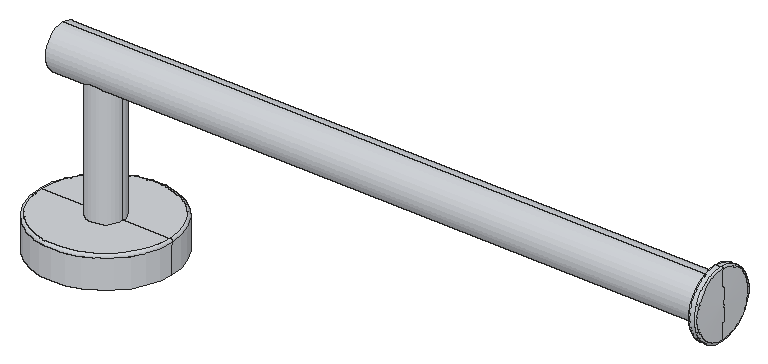
Revit family "Accessory-Towel_Arm-KOHLER-ELATE-K-27291BR_1", category Specialty Equipment, host Face, Revit 2017
Family settings
  Host = Face
  Round Connector Dimension = Use Diameter
  Part Type = Normal
  OmniClass Number = 23.31.25.25
  OmniClass Title = Towel Bars
  Cut with Voids When Loaded = No
  Shared = No
  Room Calculation Point = No
Parameters (values of type "CP-Polished Chrome")
  Width = 10 29/256"  # constant formula
  WaterSense Certified = 1 = 0  # no
  URL = "https://br.kohler.com/"
  Type = 1
  Product Page URL = "https://br.kohler.com/product-detail/27291br?skuid=K-27291BR-CP"
  Product Name = "ELATE"  # constant formula
  Product Documentation Link = ""
  Model = if(Type = 1, "K-27291BR-CP", if(Type = 2, "K-27291BR-BN", if(Type = 3, "K-27291BR-BL", "NA")))  # "K-27291BR-CP"
  Material = "Premium Metal Construction"  # constant formula
  Master Format 2014 Name = "Toilet, Bath, and Laundry Accessories"  # constant formula
  Master Format 2014 = "10 28 00"  # constant formula
  Manufacturer Address = "Rio de Janeiro MULTIREPAROS RUA BATISTA DA COSTA, Nº 352 | STORE B Rio de Janeiro  SÃO GONÇALO 24450-470"  # constant formula
  Manufacturer = "KOHLER Co."  # constant formula
  Length = 2 61/64"  # constant formula
  Height = 1 31/32"  # constant formula
  Finish = Kohler-Metal-CP-Polished_Chrome
  Environmental Product Declaration = ""
  Description = "Towel Rack"  # constant formula
  Default Elevation = 42"
  Declare Label = ""
  Date Modified = "09/07/2021"  # constant formula
  Date Created = "09/07/2021"  # constant formula
  Copyright = "Copyright KOHLER Co."  # constant formula
  Contact Us = "https://br.kohler.com/asr-listing"
  Assembly Code = "C1030200"
  ADA Compliant = 1 = 0  # no
Types (4): name | Type | Product Page URL | Model | Finish
  (no name) | 1 | "https://br.kohler.com/product-detail/27291br?skuid=K-27291BR-CP" | "K-27291BR-CP" | Kohler-Metal-CP-Polished_Chrome
  CP-Polished Chrome | 1 | "https://br.kohler.com/product-detail/27291br?skuid=K-27291BR-CP" | "K-27291BR-CP" | Kohler-Metal-CP-Polished_Chrome
  BN-Vibrant Brushed Nickel | 2 | "https://br.kohler.com/product-detail/27291br?skuid=K-27291BR-BN" | "K-27291BR-BN" | Kohler-Metal-BN-Vibrant_Brushed_Nickel
  BL-Matte Black | 3 | "https://br.kohler.com/product-detail/27291br?skuid=K-27291BR-BL" | "K-27291BR-BL" | Kohler-Metal-BL-Matte_Black
Reference planes (in)
  plane 1 "Center (Front/Back)": y = 0
  plane 2: z = 0
  plane 3 "Center (Left/Right)": x = 0
  plane 4: x = -0.98425
  plane 5: y = 0.98425
  plane 6: y = 0.49213
  plane 7: y = 0.31496
  plane 8: y = -0.9845
  plane 9: y = -0.49213
  plane 10: y = -0.31496
  plane 11: x = 0.98425
  plane 12: x = -0.67412
  plane 13: x = 9.12903
  plane 14: z = 2.95312
  plane 15: z = 2.46063
  plane 16: z = 2.77559
  plane 17: z = 1.96887
  plane 18: z = 2.14567
  plane 19: z = 0.46457
Dimensions and locks (in)
  "Width": plane 4 to plane 13
  locked: plane 4 to plane 11 at 1.9685
  "Height": plane 5 to plane 8
  locked: plane 12 to plane 13 at 9.80315
  "Length": plane 2 to plane 14
  locked: plane 17 to plane 14 at 0.98425
  locked: plane 18 to plane 16 at 0.62992
  aligned and locked: plane 2 to host face
  aligned and locked: level to host face
  aligned and locked: plane 3 "Center (Left/Right)" to nested 1
  aligned and locked: plane 1 "Center (Front/Back)" to nested 1
Automatic sketch dimensions
  host sketch curve to host sketch curve = 96"  (x2)
Nested families (in)
  nested 1: "K-27291BR" at (0, 0, 0), type "K-27291BR"
Definition of nested family "K-27291BR"
  Parameters (values of type "K-27291BR")
    Material = none
  Reference planes (in)
    plane 1 "Center (Front/Back)": y = 0
    plane 2: z = 0
    plane 3 "Center (Left/Right)": x = 0
    plane 4: x = -0.98425
    plane 5: y = 0.98425
    plane 6: x = 9.12776
    plane 7: x = -0.67539
    plane 8: x = 0.98425
    plane 9: y = -0.98425
    plane 10: z = 0.46457
    plane 11: z = 2.95276
    plane 12: z = 1.9685
    plane 13: z = 2.46063
    plane 14: z = 2.77559
    plane 15: z = 2.14567
    plane 16: y = 0.49213
    plane 17: y = 0.31496
    plane 18: y = -0.31496
    plane 19: y = -0.49213
  Forms (in)
    Revolve 1, solid, material <- "Material", detail levels medium+fine
      sketch origin (0, 0, 0) x (1, 0, 0) y (0, 0, 1)
        loop
          line (-0.25591, 0.46457) -> (-0.94488, 0.46457)
          arc (-0.94488, 0.46457) -> (-0.97272, 0.45304) -> (-0.98425, 0.4252) r 0.03937
          line (-0.98425, 0.4252) -> (-0.98425, 0) -> (0, 0) -> (0, 2.46063) -> (-0.25591, 2.46063) -> (-0.25591, 0.46457)
        axis (0, 2.46063) -> (0, 0)
      angle from 0 to 360
    Revolve 2, solid, material <- "Material", detail levels medium+fine
      sketch origin (0, 0, 0) x (1, 0, 0) y (0, 0, 1)
        loop
          arc (9.12776, 2.46063) -> (9.12508, 2.69575) -> (9.11706, 2.93074) r 10.33659
          arc (9.11706, 2.93074) -> (9.10995, 2.94637) -> (9.09402, 2.95276) r 0.02306
          line (9.09402, 2.95276) -> (9.02271, 2.95276)
          arc (9.02271, 2.95276) -> (9.00665, 2.9461) -> (9, 2.93004) r 0.02271
          line (9, 2.93004) -> (9, 2.77559) -> (-0.63328, 2.77559)
          arc (-0.63328, 2.77559) -> (-0.66482, 2.61951) -> (-0.67539, 2.46063) r 1.19873
          line (-0.67539, 2.46063) -> (9.12776, 2.46063)
        axis (9.12776, 2.46063) -> (-0.67539, 2.46063)
      angle from 0 to 360
    Revolve 3, solid, material <- "Material", detail levels coarse
      sketch origin (0, 0, 0) x (1, 0, 0) y (0, 0, 1)
        loop
          line (0, 0) -> (0, 2.46063) -> (-0.25591, 2.46063) -> (-0.25591, 0.46457) -> (-0.98425, 0.46457) -> (-0.98425, 0) -> (0, 0)
        axis (0, 2.46063) -> (0, 0)
      angle from 0 to 360
    Revolve 4, solid, material <- "Material", detail levels coarse
      sketch origin (0, 0, 0) x (1, 0, 0) y (0, 0, 1)
        loop
          line (9.12776, 2.46063) -> (9.12776, 2.95276) -> (9, 2.95276) -> (9, 2.77559) -> (-0.67539, 2.77559) -> (-0.67539, 2.46063) -> (9.12776, 2.46063)
        axis (9.12776, 2.46063) -> (-0.67539, 2.46063)
      angle from 0 to 360
  Cuts and joins
    joined: Revolve 1, Revolve 2
    joined: Revolve 3, Revolve 4
  Lines and regions (in)
    Masking region 1
      outline origin (0, 0, 0) x (1, 0, 0) y (0, 1, 0)
        loop
          arc (0.9325, 0.31496) -> (-0.98425, 0) -> (0.9325, -0.31496) r 0.98425
          line (0.9325, -0.31496) -> (9, -0.31496) -> (9, -0.46941)
          arc (9, -0.46941) -> (9.00665, -0.48547) -> (9.02271, -0.49213) r 0.02271
          line (9.02271, -0.49213) -> (9.09402, -0.49213)
          arc (9.09402, -0.49213) -> (9.10995, -0.48574) -> (9.11706, -0.47011) r 0.02306
          arc (9.11706, -0.47011) -> (9.12508, -0.23512) -> (9.12776, 0) r 10.33659
          arc (9.12776, 0) -> (9.12508, 0.23512) -> (9.11706, 0.47011) r 10.33659
          arc (9.11706, 0.47011) -> (9.10995, 0.48574) -> (9.09402, 0.49213) r 0.02306
          line (9.09402, 0.49213) -> (9.02271, 0.49213)
          arc (9.02271, 0.49213) -> (9.00665, 0.48547) -> (9, 0.46941) r 0.02271
          line (9, 0.46941) -> (9, 0.31496) -> (0.9325, 0.31496)
    Masking region 2
      outline origin (0, 0, 0) x (1, 0, 0) y (0, 0, 1)
        loop
          line (9, 2.77559) -> (-0.63328, 2.77559)
          arc (-0.63328, 2.77559) -> (-0.66482, 2.61951) -> (-0.67539, 2.46063) r 1.19873
          arc (-0.67539, 2.46063) -> (-0.66482, 2.30175) -> (-0.63328, 2.14567) r 1.19873
          line (-0.63328, 2.14567) -> (-0.25591, 2.14567) -> (-0.25591, 0.46457) -> (-0.94488, 0.46457)
          arc (-0.94488, 0.46457) -> (-0.97272, 0.45304) -> (-0.98425, 0.4252) r 0.03937
          line (-0.98425, 0.4252) -> (-0.98425, 0) -> (0, 0) -> (0.98425, 0) -> (0.98425, 0.4252)
          arc (0.98425, 0.4252) -> (0.97272, 0.45304) -> (0.94488, 0.46457) r 0.03937
          line (0.94488, 0.46457) -> (0.25591, 0.46457) -> (0.25591, 2.14567) -> (9, 2.14567) -> (9, 1.99122)
          arc (9, 1.99122) -> (9.00665, 1.97516) -> (9.02271, 1.9685) r 0.02271
          line (9.02271, 1.9685) -> (9.09402, 1.9685)
          arc (9.09402, 1.9685) -> (9.10995, 1.97489) -> (9.11706, 1.99052) r 0.02306
          arc (9.11706, 1.99052) -> (9.12508, 2.22551) -> (9.12776, 2.46063) r 10.33659
          arc (9.12776, 2.46063) -> (9.12508, 2.69575) -> (9.11706, 2.93074) r 10.33659
          arc (9.11706, 2.93074) -> (9.10995, 2.94637) -> (9.09402, 2.95276) r 0.02306
          line (9.09402, 2.95276) -> (9.02271, 2.95276)
          arc (9.02271, 2.95276) -> (9.00665, 2.9461) -> (9, 2.93004) r 0.02271
          line (9, 2.93004) -> (9, 2.77559)
    Masking region 3
      outline origin (0, 0, 0) x (0, 1, 0) y (0, 0, 1)
        loop
          line (-0.25591, 0.46457) -> (-0.94488, 0.46457)
          arc (-0.94488, 0.46457) -> (-0.97272, 0.45304) -> (-0.98425, 0.4252) r 0.03937
          line (-0.98425, 0.4252) -> (-0.98425, 0) -> (0, 0) -> (0.98425, 0) -> (0.98425, 0.4252)
          arc (0.98425, 0.4252) -> (0.97272, 0.45304) -> (0.94488, 0.46457) r 0.03937
          line (0.94488, 0.46457) -> (0.25591, 0.46457) -> (0.25591, 2.04027)
          arc (0.25591, 2.04027) -> (0, 2.95276) -> (-0.25591, 2.04027) r 0.49213
          line (-0.25591, 2.04027) -> (-0.25591, 0.46457)
    symbolic lines, detail levels medium+fine
      curve 1: line (9, 0.31496, 0) -> (9, -0.31496, 0)
      curve 2: line (0.9325, 0.31496, 0) -> (-0.63328, 0.31496, 0)
      curve 3: line (0.9325, -0.31496, 0) -> (-0.63328, -0.31496, 0)
      curve 4: arc (-0.63328, -0.31496, 0) -> (-0.67539, 0, 0) -> (-0.63328, 0.31496, 0) r 1.19873
      curve 5: line (-0.55118, 0.31496, 0) -> (-0.55118, -0.31496, 0)
      curve 6: line (-0.63328, 0.31496, 0) -> (-0.63328, -0.31496, 0)
      curve 7: line (0.25591, 0, 0.46457) -> (-0.25591, 0, 0.46457)
      curve 8: arc (0.25591, 0, 2.14567) -> (0, 0, 2.27981) -> (-0.25591, 0, 2.14567) r 0.31117
      curve 9: line (-0.63328, 0, 2.77559) -> (-0.63328, 0, 2.14567)
      curve 10: line (-0.55118, 0, 2.77559) -> (-0.55118, 0, 2.14567)
      curve 11: line (9, 0, 2.77559) -> (9, 0, 2.14567)
      curve 12: line (0, 0.25591, 0.46457) -> (0, -0.25591, 0.46457)
      curve 13: circle (0, 0, 2.46063) r 0.31496 normal (1, 0, 0)
      curve 14: line (0, 0.25591, 2.04027) -> (0, 0.25591, 2.27702)
      curve 15: line (0, -0.25591, 2.04027) -> (0, -0.25591, 2.27702)
  Dimensions and locks (in)
    plane 2 to plane 11 = 2.95276"
    plane 12 to plane 11 = 0.98425"
    aligned and locked: plane 2 to level
